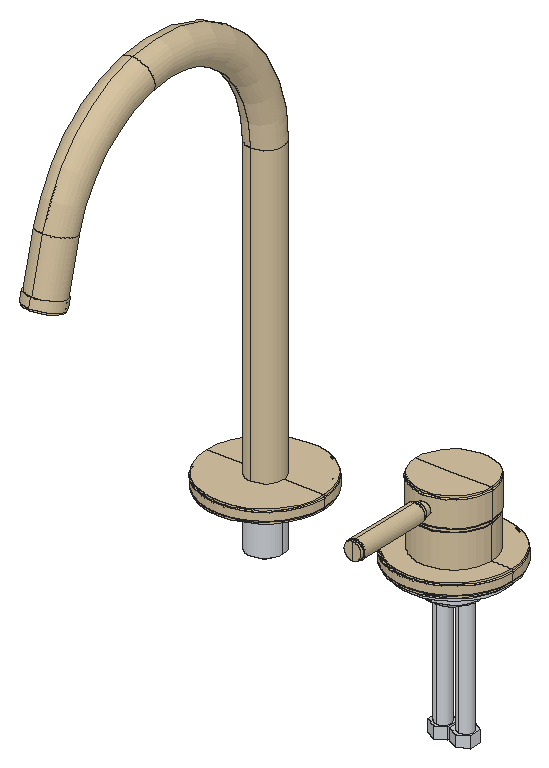
Revit family "Reece_Tap_Milli_Etch_Basin Mixer Set", category Plumbing Fixtures, host Face, Revit 2018
Family settings
  Host = Face
  Round Connector Dimension = Use Diameter
  Part Type = Normal
  Cut with Voids When Loaded = No
  Shared = Yes
  Room Calculation Point = Yes
Parameters (values of type "Brushed Gold")
  WFU = 0  # constant formula
  URL = "https://www.reece.com.au/product/-21373"
  Type Comments = "Tap"
  Reece_Tap_Reach = 147 mm  # constant formula
  Reece_Tap_Inlet = 12 mm  # constant formula
  Reece_Tap_Handle Spacing [instance] = 100 mm
  Reece_Tap_Clearance = 150 mm  # constant formula
  Reece_Tap_Axis Distance [instance] = if(Reece_Tap_Handle Spacing < 70 mm, 70 mm, if(Reece_Tap_Handle Spacing > 70 mm, Reece_Tap_Handle Spacing, Reece_Tap_Handle Spacing))  # 100 mm
  Reece_Product_Web Page = "https://www.reece.com.au/product/-21373"
  Reece_Product_Type = "Tap"
  Reece_Product_Sub Brand = "Etch"
  Reece_Product_Number = "21373"
  Reece_Product_Mount = "Hob Mounted"
  Reece_Product_Description = "Milli Etch Hob Basin Mixer Set Brushed Gold (6 Star) Lead Free"
  Reece_Product_Brand = "Milli"
  Reece_Overall_Height = 245 mm  # constant formula
  Reece_Material_Secondary = Reece_PVD_Brushed Gold_Knurl Pattern
  Reece_Material_Main = Reece_PVD_Brushed Gold
  Reece_Detail_Installation = ""
  Reece_Detail_Disclaimer = "THIS FILE IS THE PROPERTY OF THE REECE GROUP. IT MAY NOT BE REPRODUCED, REVERSE-ENGINEERED, OR MODIFIED. ANY REPUBLICATION, TRANSMISSION, OR DISTRIBUTION FOR THE PURPOSE OF COMMERCIALLY EXPLOITING THE FILES IS PROHIBITED."  # constant formula
  Reece_Detail_Connector = ""
  Reece_Detail_Additional = "Basin Mixer Set"
  Model = "Etch"
  Manufacturer = "Milli"
  Keynote = "Product #21373, Reece_Tap_Milli_Etch_Basin Mixer Set - Brushed Gold"
  HWFU = 0  # constant formula
  Disclaimer = "THIS FILE IS THE PROPERTY OF THE REECE GROUP. IT MAY NOT BE REPRODUCED, REVERSE-ENGINEERED, OR MODIFIED. ANY REPUBLICATION, TRANSMISSION, OR DISTRIBUTION FOR THE PURPOSE OF COMMERCIALLY EXPLOITING THE FILES IS PROHIBITED."  # constant formula
  Description = "Milli Etch Hob Basin Mixer Set Brushed Gold (6 Star) Lead Free"
  Default Elevation = 1000 mm
  CWFU = 0  # constant formula
Types (6, lengths in mm): name | URL | Reece_Product_Web Page | Reece_Product_Number | Reece_Product_Description | Reece_Material_Secondary | Reece_Material_Main | Keynote | Description
  Brushed Bronze | "https://www.reece.com.au/product/-21375" | "https://www.reece.com.au/product/-21375" | "21375" | "Milli Etch Hob Basin Mixer Set Brushed Bronze (6 Star) Lead Free" | Reece_PVD_Brushed Bronze_Knurl Pattern | Reece_PVD_Brushed Bronze | "Product #21375, Reece_Tap_Milli_Etch_Basin Mixer Set - Brushed Bronze" | "Milli Etch Hob Basin Mixer Set Brushed Bronze (6 Star) Lead Free"
  Matte Black | "https://www.reece.com.au/product/-21371" | "https://www.reece.com.au/product/-21371" | "21371" | "Milli Etch Hob Basin Mixer Set Matte Black (6 Star) Lead Free" | Reece_Brass_Matte Black_Knurl Pattern | Reece_Brass_Matte Black | "Product #21371, Reece_Tap_Milli_Etch_Basin Mixer Set - Matte Black" | "Milli Etch Hob Basin Mixer Set Matte Black (6 Star) Lead Free"
  Brushed Gold | "https://www.reece.com.au/product/-21373" | "https://www.reece.com.au/product/-21373" | "21373" | "Milli Etch Hob Basin Mixer Set Brushed Gold (6 Star) Lead Free" | Reece_PVD_Brushed Gold_Knurl Pattern | Reece_PVD_Brushed Gold | "Product #21373, Reece_Tap_Milli_Etch_Basin Mixer Set - Brushed Gold" | "Milli Etch Hob Basin Mixer Set Brushed Gold (6 Star) Lead Free"
  Brushed Nickel | "https://www.reece.com.au/product/-21372" | "https://www.reece.com.au/product/-21372" | "21372" | "Milli Etch Hob Basin Mixer Set Brushed Nickel (6 Star) Lead Free" | Reece_Brass_Brushed Nickel_Knurl Pattern | Reece_Brass_Brushed Nickel | "Product #21372, Reece_Tap_Milli_Etch_Basin Mixer Set - Brushed Nickel" | "Milli Etch Hob Basin Mixer Set Brushed Nickel (6 Star) Lead Free"
  Brushed Gunmetal | "https://www.reece.com.au/product/-21374" | "https://www.reece.com.au/product/-21374" | "21374" | "Milli Etch Hob Basin Mixer Set Brushed Gunmetal (6 Star) Lead Free" | Reece_Brass_Brushed Gunmetal_Knurl Pattern | Reece_Brass_Brushed Gunmetal | "Product #21374, Reece_Tap_Milli_Etch_Basin Mixer Set - Brushed Gunmetal" | "Milli Etch Hob Basin Mixer Set Brushed Gunmetal (6 Star) Lead Free"
  Chrome | "https://www.reece.com.au/product/-21370" | "https://www.reece.com.au/product/-21370" | "21370" | "Milli Etch Hob Basin Mixer Set Chrome (6 Star) Lead Free" | Reece_Brass_Chrome_Knurl Pattern | Reece_Brass_Chrome | "Product #21370, Reece_Tap_Milli_Etch_Basin Mixer Set - Chrome" | "Milli Etch Hob Basin Mixer Set Chrome (6 Star) Lead Free"
Reference planes
  plane 1 "Center (Front/Back)": y = 0
  plane 2 "Bottom": z = 0
  plane 3 "Center (Left/Right)": x = 0
  plane 4: x = 100
  plane 5: y = 31.5
  plane 6: z = 245
  plane 7: y = -147
  plane 8: z = 150
  plane 9: z = 34
Forms (mm)
  Sweep 1, solid, material "Reece_PVD_Brushed Gold" <- "Reece_Material_Main"
    path origin (0, 0, 0) x (0, 1, 0) y (0, 0, 1)
      loop
        line (0, 7) -> (0, 165.307)
        arc (0, 165.307) -> (-26.318, 220.005) -> (-85.481, 233.574) r 70
        arc (-85.481, 233.574) -> (-119.003, 215.478) -> (-138.321, 182.646) r 70.9
        line (-138.321, 182.646) -> (-147, 150)
    profile origin (0, 0, 86.154) x (0, -1, 0) y (1, 0, 0)
      loop
        circle (0, 0) r 9.5
  Revolve 2, solid, material "Reece_PVD_Brushed Gold_Knurl Pattern" <- "Reece_Material_Secondary"
    sketch origin (0, 0, 0) x (1, 0, 0) y (0, 0, 1)
      loop
        line (-30.7, 5.6) -> (-31.5, 5.6) -> (-31.5, 1.4) -> (-30.7, 1.4) -> (-30.7, 5.6)
      axis (0, 5.6) -> (0, 1.4)
    angle from 0 to 360
  Revolve 3, solid, material "Reece_PVD_Brushed Gold" <- "Reece_Material_Main"
    sketch origin (105, 0, 0) x (1, 0, 0) y (0, 0, 1)
      loop
        line (-136, 6.2) -> (-136.5, 5.6) -> (-133.5, 5.6) -> (-133.5, 1.4) -> (-136.5, 1.4) -> (-136, 0.8) -> (-136, 0) -> (-111, 0) -> (-111, 2.5) -> (-105, 2.5) -> (-105, 7) -> (-136, 7) -> (-136, 6.2)
      axis (-105, 0) -> (-105, 7)
    angle from 0 to 360
  Revolve 4, solid, material "Reece_PVD_Brushed Gold" <- "Reece_Material_Main"
    sketch origin (-5, 0, 0) x (-1, 0, 0) y (0, 0, -1)
      loop
        line (-125, -7) -> (-125, -24.5) -> (-124.2, -24.5) -> (-124.2, -26.3) -> (-125, -26.3) -> (-125.5, -26.9) -> (-105, -26.9) -> (-105, -7) -> (-125, -7)
      loop
        line (-105, -42) -> (-105, -40.6) -> (-125.5, -40.6) -> (-125, -41.2) -> (-125, -42) -> (-105, -42)
      axis (-105, -7) -> (-105, -42)
    angle from 0 to 360
  Revolve 5, solid, material "Reece_PVD_Brushed Gold_Knurl Pattern" <- "Reece_Material_Secondary"
    sketch origin (0, -19.995, 29) x (0, 1, 0) y (0, 0, 1)
      loop
        line (-135.727, 124.384) -> (-134.433, 129.213) -> (-135.206, 129.421) -> (-136.5, 124.591) -> (-135.727, 124.384)
      axis (-125.449, 126.807) -> (-126.743, 121.976)
    angle from 0 to 360
  Revolve 6, solid, material "Reece_PVD_Brushed Gold" <- "Reece_Material_Main"
    sketch origin (0, -23.733, 102.15) x (0, 0.966224, 0.257705) y (0, -0.257705, 0.966224)
      loop
        line (-99.009, 74.503) -> (-95.59, 80.468) -> (-102.942, 84.683) -> (-107.443, 76.831)
        arc (-107.443, 76.831) -> (-103.38, 75.109) -> (-99.009, 74.503) r 16.813
      axis (-102.942, 84.683) -> (-107.443, 76.831)
    angle from 0 to 360
  Extrusion 7, void
    sketch origin (0, -23.733, 102.15) x (0, 0.966224, 0.257705) y (0, -0.257705, 0.966224)
      loop
        line (-104.791, 79.433) -> (-106.523, 80.433) -> (-109.528, 75.227) -> (-107.796, 74.227) -> (-104.791, 79.433)
    from 20 to -20.015
  Revolve 8, solid
    sketch origin (0, 0, 0) x (1, 0, 0) y (0, 0, 1)
      loop
        line (-25, 0) -> (-25, -2.405) -> (-17.949, -2.405) -> (-17.949, -3.81) -> (-15.965, -3.81) -> (-15.965, -7.405) -> (-9.485, -7.405) -> (-9.485, -28.592) -> (-7.162, -29.933) -> (-7.162, -7.405) -> (0, -7.405) -> (0, 0) -> (-25, 0)
      axis (0, 0) -> (0, -29.933)
    angle from 0 to 360
  Revolve 9, solid
    sketch origin (0, 0, 0) x (1, 0, 0) y (0, 0, 1)
      loop
        line (75, 0) -> (75, -1.699) -> (73.943, -1.699) -> (73.943, -2.687) -> (72.533, -2.687) -> (72.533, -3.8) -> (85.517, -3.8) -> (85.517, -12.991) -> (86.909, -14.382) -> (86.909, -3.8) -> (90, -3.8) -> (90, 0) -> (75, 0)
      axis (100, 0) -> (100, -14.382)
    angle from 0 to 360
  Extrusion 10, solid
    sketch origin (100, 0, -3.8) x (0, 1, 0) y (1, 0, 0)
      loop
        circle (0.098, -5.888) r 4
      loop
        circle (0.098, 6.073) r 4
    from 0 to 80
  Extrusion 11, solid
    sketch origin (100, 0, -83.8) x (-1, 0, 0) y (0, 1, 0)
      loop
        circle (5.888, 0.098) r 4
      loop
        line (0.51, 3.203) -> (0.51, -3.007) -> (5.888, -6.112) -> (11.265, -3.007) -> (11.265, 3.203) -> (5.888, 6.307) -> (0.51, 3.203)
      loop
        circle (-5.888, 0.098) r 4
      loop
        line (-0.51, 3.203) -> (-5.888, 6.307) -> (-11.265, 3.203) -> (-11.265, -3.007) -> (-5.888, -6.112) -> (-0.51, -3.007) -> (-0.51, 3.203)
    from 0 to -6
  Revolve 12, void
    sketch origin (0, 0, 0) x (1, 0, 0) y (0, 0, 1)
      loop
        line (0, 0) -> (-28, 0) -> (-28, -50) -> (0, -50) -> (0, 0)
      axis (0, 0) -> (0, -50)
    angle from 0 to 360
  Revolve 13, void
    sketch origin (0, 0, 0) x (1, 0, 0) y (0, 0, 1)
      loop
        line (69.729, 0) -> (69.729, -50) -> (100, -50) -> (100, 0) -> (69.729, 0)
      axis (100, 0) -> (100, -50)
    angle from 0 to 360
  Revolve 14, solid, material "Reece_PVD_Brushed Gold_Knurl Pattern" <- "Reece_Material_Secondary"
    sketch origin (-5, 0, 0) x (-1, 0, 0) y (0, 0, -1)
      loop
        line (-124.7, -40.6) -> (-124.7, -26.9) -> (-125.5, -26.9) -> (-125.5, -40.6) -> (-124.7, -40.6)
      axis (-105, -26.9) -> (-105, -40.6)
    angle from 0 to 360
  Revolve 15, solid, material "Reece_PVD_Brushed Gold_Knurl Pattern" <- "Reece_Material_Secondary"
    sketch origin (100, 0, 0) x (1, 0, 0) y (0, 0, 1)
      loop
        line (-28.5, 5.6) -> (-31.5, 5.6) -> (-31.5, 1.4) -> (-28.5, 1.4) -> (-28.5, 5.6)
      axis (0, 5.6) -> (0, 1.4)
    angle from 0 to 360
  Revolve 16, solid, material "Reece_PVD_Brushed Gold" <- "Reece_Material_Main"
    sketch origin (105, 0, 0) x (1, 0, 0) y (0, 0, 1)
      loop
        line (-136, 6.2) -> (-136.5, 5.6) -> (-133.5, 5.6) -> (-133.5, 1.4) -> (-136.5, 1.4) -> (-136, 0.8) -> (-136, 0) -> (-111, 0) -> (-111, 2.5) -> (-105, 2.5) -> (-105, 7) -> (-136, 7) -> (-136, 6.2)
      axis (-105, 0) -> (-105, 7)
    angle from 0 to 360
  Revolve 17, solid, material "Reece_PVD_Brushed Gold" <- "Reece_Material_Main"
    sketch origin (205, 0, 0) x (1, 0, 0) y (0, 0, 1)
      loop
        line (-136, 6.2) -> (-136.5, 5.6) -> (-133.5, 5.6) -> (-133.5, 1.4) -> (-136.5, 1.4) -> (-136, 0.8) -> (-136, 0) -> (-111, 0) -> (-111, 2.5) -> (-105, 2.5) -> (-105, 7) -> (-136, 7) -> (-136, 6.2)
      axis (-105, 0) -> (-105, 7)
    angle from 0 to 360
  Revolve 18, solid, material "Reece_PVD_Brushed Gold" <- "Reece_Material_Main"
    sketch origin (100, 74.871, 1219.2) x (0, 1, 0) y (0, 0, 1)
      loop
        line (-93.394, -1185.2) -> (-100.543, -1185.2) -> (-100.543, -1190.2) -> (-99.943, -1189.7) -> (-98.743, -1189.7) -> (-98.743, -1188.724) -> (-93.394, -1188.724) -> (-93.394, -1185.2)
      loop
        line (-140.043, -1185.2) -> (-141.843, -1185.2) -> (-141.843, -1189.7) -> (-140.643, -1189.7) -> (-140.043, -1190.2) -> (-140.043, -1185.2)
      axis (-93.394, -1185.2) -> (-141.843, -1185.2)
    angle from 0 to 360
  Revolve 19, solid, material "Reece_PVD_Brushed Gold_Knurl Pattern" <- "Reece_Material_Secondary"
    sketch origin (100, 74.871, 1219.2) x (0, 1, 0) y (0, 0, 1)
      loop
        line (-140.043, -1185.2) -> (-100.543, -1185.2) -> (-100.543, -1180.173) -> (-140.043, -1180.173) -> (-140.043, -1185.2)
      axis (-100.543, -1185.2) -> (-140.043, -1185.2)
    angle from 0 to 360
Cuts and joins
  Extrusion 7 cuts Revolve 6
  joined: Sweep 1, Revolve 6
Text (mm)
  text "Reece ©" at (-376.789, -229.394, 0), in view "Ref. Level"
  text "Reece ©" at (44.384, 258.95, 192.345), in view "Reece Preview"
Dimensions and locks
  "Reece_Tap_Axis Distance": plane 3 "Center (Left/Right)" to plane 4
  Extrusion 10 sketch curve to plane 4 to Extrusion 10 sketch curve = 5.888 mm locked, 6.073 mm locked
  Extrusion 11 sketch curve to plane 4 to Extrusion 11 sketch curve = 5.888 mm locked, 5.888 mm locked
  "Reece_Tap_Reach": plane 1 "Center (Front/Back)" to plane 7
  "Reece_Tap_Clearance": plane 8 to level
  "Reece_Overall_Height": plane 6 to plane 2 "Bottom"
  aligned and locked: plane 2 "Bottom" to host face
  aligned and locked: level to host face
  aligned and locked: plane 1 "Center (Front/Back)" to Sweep 1 sketch curve
  aligned and locked: Revolve 17 sketch curve to plane 4
Automatic sketch dimensions
  host sketch curve to host sketch curve = 380.785 mm
  host sketch curve to host sketch curve = 317.421 mm
  Sweep 1 sketch curve to plane 7 = 0 mm
  Sweep 1 sketch curve to plane 8 = 0 mm
  Sweep 1 sketch curve to plane 7 = 8.679 mm
  plane 8 to Sweep 1 sketch curve = 15.307 mm
  plane 1 "Center (Front/Back)" to Sweep 1 sketch curve = 70 mm
  Sweep 1 sketch curve to Sweep 1 sketch curve = 0.199 mm
  Sweep 1 sketch curve to Sweep 1 sketch curve = 0.878 mm
  plane 8 to Sweep 1 sketch curve = 32.646 mm
  level to Sweep 1 sketch curve = 7 mm
  Sweep 1 sketch curve to profile plane = 0 mm  (x2)
  plane 3 "Center (Left/Right)" to Revolve 2 sketch curve = 0 mm
  level to Revolve 2 sketch curve = 5.6 mm
  Revolve 2 sketch curve to plane 3 "Center (Left/Right)" = 30.7 mm
  Revolve 2 sketch curve to Revolve 2 sketch curve = 0.8 mm
  level to Revolve 2 sketch curve = 1.4 mm
  Revolve 2 sketch curve to level = 452.931 mm
  plane 6 to Revolve 2 sketch curve = 2085.291 mm
  Revolve 3 sketch curve to level = 0 mm  (x2)
  Revolve 3 sketch curve to plane 3 "Center (Left/Right)" = 0 mm  (x2)
  Revolve 3 sketch curve to Revolve 3 sketch curve = 6 mm
  level to Revolve 3 sketch curve = 5.6 mm
  Revolve 3 sketch curve to Revolve 3 sketch curve = 22.5 mm
  Revolve 3 sketch curve to Revolve 3 sketch curve = 2.5 mm  (x3)
  level to Revolve 3 sketch curve = 0.8 mm
  Revolve 3 sketch curve to Revolve 3 sketch curve = 0.5 mm  (x2)
  Revolve 3 sketch curve to Revolve 3 sketch curve = 0.6 mm  (x2)
  Revolve 3 sketch curve to Revolve 3 sketch curve = 0.8 mm
  Revolve 3 sketch curve to Revolve 3 sketch curve = 2 mm
  plane 8 to Revolve 5 sketch curve = 3.591 mm
  plane 7 to Revolve 5 sketch curve = 9.495 mm  (x2)
  plane 8 to Revolve 5 sketch curve = 3.384 mm
  Revolve 5 sketch curve to Revolve 5 sketch curve = 0.773 mm  (x2)
  Revolve 5 sketch curve to Revolve 5 sketch curve = 1.294 mm
  Revolve 5 sketch curve to Revolve 5 sketch curve = 4.83 mm
  Revolve 5 sketch curve to Revolve 5 sketch curve = 0.208 mm
  plane 7 to Revolve 5 sketch curve = 0.78 mm
  Revolve 5 sketch curve to plane 8 = 2.911 mm
  Revolve 5 sketch curve to Revolve 5 sketch curve = 32.525 mm
  plane 7 to Revolve 6 sketch curve = 0.346 mm
  Revolve 6 sketch curve to plane 8 = 1.302 mm
  Revolve 6 sketch curve to Revolve 6 sketch curve = 4.5 mm
  Revolve 6 sketch curve to Revolve 6 sketch curve = 8.433 mm
  Revolve 6 sketch curve to Revolve 6 sketch curve = 4.037 mm
  Revolve 6 sketch curve to Revolve 6 sketch curve = 3.419 mm
  Revolve 6 sketch curve to Revolve 6 sketch curve = 2.328 mm
  Revolve 6 sketch curve to Revolve 6 sketch curve = 1.456 mm
  Revolve 6 sketch curve to Revolve 6 sketch curve = 0 mm  (x2)
  Revolve 6 sketch curve to Revolve 6 sketch curve = 2.54 mm
  plane 7 to Extrusion 7 sketch curve = 1.948 mm
  Extrusion 7 sketch curve to plane 8 = 3.389 mm
  Extrusion 7 sketch curve to Extrusion 7 sketch curve = 1.732 mm
  Extrusion 7 sketch curve to Extrusion 7 sketch curve = 3.005 mm
  Extrusion 7 sketch curve to Extrusion 7 sketch curve = 1 mm
  Revolve 8 sketch curve to level = 0 mm
  Revolve 8 sketch curve to plane 3 "Center (Left/Right)" = 0 mm  (x2)
  Revolve 8 sketch curve to plane 3 "Center (Left/Right)" = 7.162 mm
  Revolve 8 sketch curve to Revolve 8 sketch curve = 2.323 mm
  Revolve 8 sketch curve to Revolve 8 sketch curve = 6.48 mm
  Revolve 8 sketch curve to Revolve 8 sketch curve = 1.984 mm
  Revolve 8 sketch curve to level = 2.405 mm
  Revolve 8 sketch curve to Revolve 8 sketch curve = 7.051 mm
  Revolve 8 sketch curve to Revolve 8 sketch curve = 1.405 mm
  Revolve 8 sketch curve to level = 7.405 mm
  Revolve 8 sketch curve to Revolve 8 sketch curve = 0 mm
  Revolve 8 sketch curve to Revolve 8 sketch curve = 21.187 mm
  Revolve 8 sketch curve to Revolve 8 sketch curve = 1.341 mm
  Revolve 8 sketch curve to Revolve 8 sketch curve = 4.744 mm
  Revolve 8 sketch curve to Revolve 8 sketch curve = 55.256 mm
  Revolve 9 sketch curve to level = 0 mm
  plane 4 to Revolve 9 sketch curve = 0 mm
  Revolve 9 sketch curve to level = 3.8 mm
  plane 4 to Revolve 9 sketch curve = 10 mm
  Revolve 9 sketch curve to Revolve 9 sketch curve = 3.091 mm
  Revolve 9 sketch curve to Revolve 9 sketch curve = 1.391 mm  (x2)
  Revolve 9 sketch curve to Revolve 9 sketch curve = 10.517 mm
  Revolve 9 sketch curve to Revolve 9 sketch curve = 1.057 mm
  Revolve 9 sketch curve to Revolve 9 sketch curve = 1.409 mm
  Revolve 9 sketch curve to Revolve 9 sketch curve = 9.191 mm
  Revolve 9 sketch curve to Revolve 9 sketch curve = 0 mm
  Revolve 9 sketch curve to Revolve 9 sketch curve = 1.113 mm
  Revolve 9 sketch curve to Revolve 9 sketch curve = 0.988 mm
  Revolve 9 sketch curve to Revolve 9 sketch curve = 29.418 mm
  Revolve 9 sketch curve to Revolve 9 sketch curve = 15 mm
  Revolve 9 to Extrusion 10 sketch curve = 0.098 mm  (x2)
  Extrusion 11 sketch curve to Extrusion 11 sketch curve = 5.378 mm  (x6)
  Extrusion 11 sketch curve to Extrusion 11 sketch curve = 1.021 mm
  Extrusion 11 sketch curve to Extrusion 11 sketch curve = 0 mm  (x4)
  Extrusion 11 sketch curve to Extrusion 11 sketch curve = 3.105 mm  (x10)
  Revolve 12 sketch curve to level = 0 mm
  Revolve 12 sketch curve to plane 3 "Center (Left/Right)" = 0 mm  (x2)
  Revolve 12 sketch curve to plane 3 "Center (Left/Right)" = 28 mm
  Revolve 12 sketch curve to level = 50 mm
  Revolve 12 sketch curve to Revolve 12 sketch curve = 24.811 mm
  Revolve 12 sketch curve to Revolve 12 sketch curve = 35.189 mm
  Revolve 13 sketch curve to level = 0 mm
  plane 4 to Revolve 13 sketch curve = 0 mm  (x2)
  plane 4 to Revolve 13 sketch curve = 30.271 mm
  Revolve 13 sketch curve to level = 50 mm
  Revolve 13 sketch curve to Revolve 13 sketch curve = 6.2 mm
  Revolve 13 sketch curve to Revolve 13 sketch curve = 8.8 mm
  Revolve 14 sketch curve to level = 0 mm
  plane 4 to Revolve 14 sketch curve = 0 mm
  plane 9 to Revolve 14 sketch curve = 7.1 mm
  Revolve 14 sketch curve to plane 4 = 19.7 mm
  Revolve 14 sketch curve to Revolve 14 sketch curve = 0.8 mm
  Revolve 14 sketch curve to plane 9 = 6.6 mm
  level to Revolve 14 sketch curve = 5 mm
  plane 4 to Revolve 15 sketch curve = 0 mm
  level to Revolve 15 sketch curve = 5.6 mm
  plane 4 to Revolve 15 sketch curve = 28.5 mm
  Revolve 15 sketch curve to Revolve 15 sketch curve = 3 mm
  level to Revolve 15 sketch curve = 1.4 mm
  Revolve 15 sketch curve to level = 452.931 mm
  plane 6 to Revolve 15 sketch curve = 2085.291 mm
  Revolve 16 sketch curve to level = 0 mm  (x2)
  Revolve 16 sketch curve to plane 3 "Center (Left/Right)" = 0 mm  (x2)
  Revolve 16 sketch curve to Revolve 16 sketch curve = 6 mm
  level to Revolve 16 sketch curve = 5.6 mm
  Revolve 16 sketch curve to Revolve 16 sketch curve = 22.5 mm
  Revolve 16 sketch curve to Revolve 16 sketch curve = 2.5 mm  (x3)
  level to Revolve 16 sketch curve = 0.8 mm
  Revolve 16 sketch curve to Revolve 16 sketch curve = 0.5 mm  (x2)
  Revolve 16 sketch curve to Revolve 16 sketch curve = 0.6 mm  (x2)
  Revolve 16 sketch curve to Revolve 16 sketch curve = 0.8 mm
  Revolve 16 sketch curve to Revolve 16 sketch curve = 2 mm
  Revolve 17 sketch curve to level = 0 mm  (x2)
  plane 4 to Revolve 17 sketch curve = 0 mm
  plane 4 to Revolve 17 sketch curve = 6 mm
  level to Revolve 17 sketch curve = 5.6 mm
  Revolve 17 sketch curve to Revolve 17 sketch curve = 22.5 mm
  Revolve 17 sketch curve to Revolve 17 sketch curve = 2.5 mm  (x3)
  level to Revolve 17 sketch curve = 0.8 mm
  Revolve 17 sketch curve to Revolve 17 sketch curve = 0.5 mm  (x2)
  Revolve 17 sketch curve to Revolve 17 sketch curve = 0.6 mm  (x2)
  Revolve 17 sketch curve to Revolve 17 sketch curve = 0.8 mm
  Revolve 17 sketch curve to Revolve 17 sketch curve = 2 mm
  plane 9 to Revolve 18 sketch curve = 0 mm  (x3)
  Revolve 18 sketch curve to plane 9 = 4.5 mm
  Revolve 18 sketch curve to plane 1 "Center (Front/Back)" = 66.973 mm
  Revolve 18 sketch curve to Revolve 18 sketch curve = 1.2 mm  (x2)
  Revolve 18 sketch curve to plane 9 = 5 mm  (x2)
  Revolve 18 sketch curve to Revolve 18 sketch curve = 0.6 mm  (x2)
  Revolve 18 sketch curve to plane 1 "Center (Front/Back)" = 25.673 mm
  Revolve 18 sketch curve to Revolve 18 sketch curve = 5.349 mm
  Revolve 18 sketch curve to Revolve 18 sketch curve = 0.5 mm
  Revolve 18 sketch curve to Revolve 18 sketch curve = 0.976 mm
  Revolve 18 sketch curve to plane 7 = 1452.061 mm
  plane 5 to Revolve 18 sketch curve = 1687.515 mm
  plane 9 to Revolve 19 sketch curve = 0 mm  (x2)
  plane 9 to Revolve 19 sketch curve = 5.027 mm
  Revolve 19 sketch curve to plane 1 "Center (Front/Back)" = 65.173 mm
  Revolve 19 sketch curve to plane 1 "Center (Front/Back)" = 25.673 mm
  Revolve 19 sketch curve to plane 7 = 1452.061 mm
  plane 5 to Revolve 19 sketch curve = 1687.515 mm
  plane 4 to Revolve 4 sketch curve = 0 mm  (x3)
  Revolve 4 sketch curve to level = 0 mm
  Revolve 4 sketch curve to plane 4 = 19.2 mm
  level to Revolve 4 sketch curve = 7 mm
  Revolve 4 sketch curve to Revolve 4 sketch curve = 0.8 mm  (x4)
  Revolve 4 sketch curve to Revolve 4 sketch curve = 0.5 mm  (x2)
  Revolve 4 sketch curve to Revolve 4 sketch curve = 1.8 mm
  Revolve 4 sketch curve to plane 9 = 6.6 mm
  Revolve 4 sketch curve to Revolve 4 sketch curve = 0.6 mm  (x2)
  Revolve 4 sketch curve to Revolve 4 sketch curve = 2 mm
  plane 9 to Revolve 4 sketch curve = 7.1 mm
  radius of Sweep 1 sketch curve = 9.5 mm
  radius of Extrusion 10 sketch curve = 4 mm  (x2)
  radius of Extrusion 11 sketch curve = 4 mm  (x2)
Connectors
  piping at (94.112, 0.098, -3.8), diameter 12, driven by "Reece_Tap_Inlet"
    settings: on Extrusion 10, index 1, connector inside diameter 609.6 mm, connector length 0 mm, flow factor 0, pipe flow 0.0 L/s, pressure drop 0.0 Pa, fitting loss kfactor 0, connector angle 0.00°, fixture units 0, engagement length 0 mm, angle of deflection 0.00°, flow configuration 0, flow direction 1, fitting loss method 0, system type 29, joint type 0, gender type 0, connector reference index -1, connector utility 0, adjustable connector no, is connector primary yes, connector description ""
  piping at (106.073, 0.098, -3.8), diameter 12, driven by "Reece_Tap_Inlet"
    settings: on Extrusion 10, index 2, connector inside diameter 609.6 mm, connector length 0 mm, flow factor 0, pipe flow 0.0 L/s, pressure drop 0.0 Pa, fitting loss kfactor 0, connector angle 0.00°, fixture units 0, engagement length 0 mm, angle of deflection 0.00°, flow configuration 0, flow direction 1, fitting loss method 0, system type 29, joint type 0, gender type 0, connector reference index -1, connector utility 0, adjustable connector no, is connector primary no, connector description ""
  piping at (0, 0, -7.405), diameter 12, driven by "Reece_Tap_Inlet"
    settings: on Revolve 8, index 3, connector inside diameter 609.6 mm, connector length 0 mm, flow factor 0, pipe flow 0.0 L/s, pressure drop 0.0 Pa, fitting loss kfactor 0, connector angle 0.00°, fixture units 0, engagement length 0 mm, angle of deflection 0.00°, flow configuration 0, flow direction 2, fitting loss method 0, system type 29, joint type 0, gender type 0, connector reference index -1, connector utility 0, adjustable connector no, is connector primary no, connector description ""
